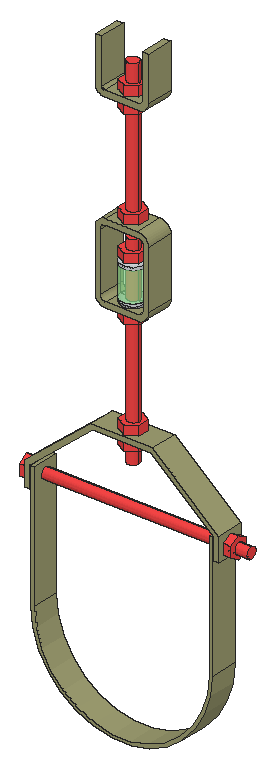
Revit family "Clevis Hanger Support with Spring", category Pipe Fittings, Revit 2014
Parameters (values of type "300")
  built-in parameter 1114242 [instance] = (empty or 0)
  Spring = Spring
  Pipe Support = Pipe Support
  Pipe Outside Radius [instance] = Pipe OD / 2  # 161.95 mm
  Pipe OD = 323.9 mm
  Insulation [instance] = 0 mm
  Nominal Radius [instance] = Nominal Diameter / 2  # 150 mm
  Nominal Diameter [instance] = 300 mm
  Neoprene Pad = Rubber
  Lookup Table Name [instance] = "Clevis Hanger Support"
  built-in parameter 1114238 [instance] = (empty or 0)
  Fasteners = Fasteners
  Dim_W1 = 50.8 mm
  Dim_T2 = 6.4 mm
  Dim_T1 = 9.5 mm
  Dim_G4 = Dim_G * 0.8  # 16 mm
  Dim_G3 = Dim_G * 2  # 40 mm
  Dim_G2 = Dim_G * 1  # 20 mm
  Dim_G = 20 mm
  Dim_C1 [instance] = Dim_C / 3  # 109.3 mm
  Dim_C [instance] = Pipe OD + (Insulation * 2) + 4 mm  # 327.9 mm
  Dim_A2 = Dim_A * 2  # 44 mm
  Dim_A = 22 mm
  Rod Length from Pipe to Ceiling [instance] = 1000 mm
  Bolt Size = Nut2 : M20
  Anchor Bolt = Nut : M22
Types (22, lengths in mm): name | Pipe Outside Radius | Pipe OD | Nominal Radius | Nominal Diameter | built-in parameter 1114238 | Dim_W1 | Dim_T2 | Dim_T1 | Dim_G4 | Dim_G3 | Dim_G2 | Dim_G | Dim_C1 | Dim_C | Dim_A2 | Dim_A | Rod Length from Pipe to Ceiling | Bolt Size | Anchor Bolt
  15 | 10.65 | 21.3 | 7.5 | 15 | 1 | 25.4 | 3.2 | 3.2 | 4.8 | 12 | 6 | 6 | 8.433 | 25.3 | 20 | 10 | 1000 | Nut2 : M6 | Nut : M10
  20 | 13.35 | 26.7 | 10 | 20 | 1 | 25.4 | 3.2 | 3.2 | 4.8 | 12 | 6 | 6 | 10.233 | 30.7 | 20 | 10 | 1000 | Nut2 : M6 | Nut : M10
  25 | 16.7 | 33.4 | 12.5 | 25 | (empty or 0) | 25.4 | 3.2 | 3.2 | 4.8 | 12 | 6 | 6 | 12.467 | 37.4 | 20 | 10 | 1000 | Nut2 : M6 | Nut : M10
  32 | 21.1 | 42.2 | 16 | 32 | (empty or 0) | 25.4 | 3.2 | 3.2 | 4.8 | 12 | 6 | 6 | 15.4 | 46.2 | 20 | 10 | 1000 | Nut2 : M6 | Nut : M10
  40 | 24.15 | 48.3 | 20 | 40 | (empty or 0) | 25.4 | 3.2 | 3.2 | 4.8 | 12 | 6 | 6 | 17.433 | 52.3 | 20 | 10 | 1000 | Nut2 : M6 | Nut : M10
  50 | 30.15 | 60.3 | 25 | 50 | (empty or 0) | 25.4 | 3.2 | 3.2 | 4.8 | 12 | 6 | 6 | 21.433 | 64.3 | 20 | 10 | 1000 | Nut2 : M6 | Nut : M10
  65 | 36.5 | 73 | 32.5 | 65 | (empty or 0) | 31.8 | 4.8 | 4.8 | 8 | 20 | 10 | 10 | 25.667 | 77 | 24 | 12 | 1000 | Nut2 : M10 | Nut : M12
  80 | 44.45 | 88.9 | 40 | 80 | (empty or 0) | 31.8 | 4.8 | 4.8 | 8 | 20 | 10 | 10 | 30.967 | 92.9 | 24 | 12 | 1000 | Nut2 : M10 | Nut : M12
  90 | 50.8 | 101.6 | 45 | 90 | (empty or 0) | 31.8 | 4.8 | 4.8 | 8 | 20 | 10 | 10 | 35.2 | 105.6 | 24 | 12 | 1000 | Nut2 : M10 | Nut : M12
  100 | 57.15 | 114.3 | 50 | 100 | (empty or 0) | 31.8 | 4.8 | 6.4 | 8 | 20 | 10 | 10 | 39.433 | 118.3 | 32 | 16 | 1000 | Nut2 : M10 | Nut : M16
  125 | 70.65 | 141.3 | 62.5 | 125 | (empty or 0) | 31.8 | 4.8 | 6.4 | 9.6 | 24 | 12 | 12 | 48.433 | 145.3 | 32 | 16 | 1000 | Nut2 : M12 | Nut : M12
  150 | 84.15 | 168.3 | 75 | 150 | (empty or 0) | 38.1 | 4.8 | 6.4 | 9.6 | 24 | 12 | 12 | 57.433 | 172.3 | 40 | 20 | 1000 | Nut2 : M12 | Nut : M20
  200 | 109.55 | 219.1 | 100 | 200 | (empty or 0) | 44.5 | 4.8 | 6.4 | 12.8 | 32 | 16 | 16 | 74.367 | 223.1 | 44 | 22 | 1000 | Nut2 : M16 | Nut : M22
  250 | 136.55 | 273.1 | 125 | 250 | (empty or 0) | 44.5 | 6.4 | 9.5 | 16 | 40 | 20 | 20 | 92.367 | 277.1 | 44 | 22 | 1000 | Nut2 : M20 | Nut : M22
  300 | 161.95 | 323.9 | 150 | 300 | (empty or 0) | 50.8 | 6.4 | 9.5 | 16 | 40 | 20 | 20 | 109.3 | 327.9 | 44 | 22 | 1000 | Nut2 : M20 | Nut : M22
  350 | 177.8 | 355.6 | 175 | 350 | (empty or 0) | 50.8 | 6.4 | 12.7 | 17.6 | 44 | 22 | 22 | 119.867 | 359.6 | 50 | 25 | 1000 | Nut2 : M22 | Nut : M25
  400 | 203.2 | 406.4 | 200 | 400 | (empty or 0) | 63.5 | 6.4 | 12.7 | 20 | 50 | 25 | 25 | 136.8 | 410.4 | 50 | 25 | 1000 | Nut2 : M25 | Nut : M25
  450 | 228.6 | 457.2 | 225 | 450 | (empty or 0) | 63.5 | 6.4 | 12.7 | 22.4 | 56 | 28 | 28 | 153.733 | 461.2 | 50 | 25 | 1000 | Nut2 : M28 | Nut : M25
  500 | 254 | 508 | 250 | 500 | (empty or 0) | 76.2 | 9.5 | 19.1 | 25.6 | 64 | 32 | 32 | 170.667 | 512 | 64 | 32 | 1500 | Nut2 : M32 | Nut : M32
  600 | 304.8 | 609.6 | 300 | 600 | (empty or 0) | 76.2 | 9.5 | 19.1 | 25.6 | 64 | 32 | 32 | 204.533 | 613.6 | 64 | 32 | 1000 | Nut2 : M32 | Nut : M32
  750 | 406.4 | 812.8 | 375 | 750 | (empty or 0) | 76.2 | 9.5 | 25.4 | 25.6 | 64 | 32 | 32 | 272.267 | 816.8 | 64 | 32 | 1000 | Nut2 : M32 | Nut : M32
  900 | 486.4 | 972.8 | 450 | 900 | (empty or 0) | 76.2 | 9.5 | 25.4 | 25.6 | 64 | 32 | 32 | 325.6 | 976.8 | 64 | 32 | 1500 | Nut2 : M32 | Nut : M32
Reference planes
  plane 1 "Center (Front/Back)": y = 0
  plane 2: z = 0
  plane 3 "Center (Left/Right)": x = 0
  plane 4: z = 0
  plane 5 "Clg": z = 1000
  plane 6 "W1": y = 25.4
  plane 7 "W2": y = -25.4
  plane 8 "G2": x = 163.95
  plane 9 "G1": x = -163.95
  plane 10: z = -163.95
  plane 11: z = 163.95
  plane 12 "BH": z = 213.95
  plane 13: z = 233.95
  plane 14: z = 193.95
  plane 15: z = 343.25
  plane 16: x = -170.35
  plane 17: x = 170.35
  plane 18: z = -170.35
  plane 19: x = 172.35
  plane 20: x = -172.35
  plane 21: x = 181.85
  plane 22: x = -181.85
  plane 23: x = -54.65
  plane 24: x = 54.65
  plane 25: z = 333.75
  plane 26 "Nut": x = 221.85
  plane 27: x = -197.85
  plane 28 "A2": z = 289.75
  plane 29: z = 900
  plane 30: z = 912
  plane 31: x = -50
  plane 32: x = 50
  plane 33: x = -38
  plane 34: x = 38
  plane 35: z = 962
  plane 36: z = 621.625
  plane 37 "Spring Top": z = 696.625
  plane 38: z = 546.625
  plane 39: z = 686.625
  plane 40: z = 556.625
  plane 41: z = 666.625
  plane 42: z = 656.625
  plane 43: z = 631.625
  plane 44: x = -22
  plane 45 "Spring Bot": z = 564.625
Forms (mm)
  Extrusion 1, solid, material "Pipe Support" <- "Pipe Support"
    sketch origin (0, -25.4, 0) x (-1, 0, 0) y (0, 0, 1)
      loop
        arc (163.95, 0) -> (0, -163.95) -> (-163.95, 0) r 163.95
        line (-163.95, 0) -> (-163.95, 233.95) -> (-170.35, 233.95) -> (-170.35, 0)
        arc (-170.35, 0) -> (0, -170.35) -> (170.35, 0) r 170.35
        line (170.35, 0) -> (170.35, 233.95) -> (163.95, 233.95) -> (163.95, 0)
    from 0 to 50.8
  Extrusion 2, solid, material "Pipe Support" <- "Pipe Support"
    sketch origin (0, -25.4, 0) x (-1, 0, 0) y (0, 0, 1)
      loop
        line (172.35, 193.95) -> (181.85, 193.95) -> (181.85, 239.379) -> (58.109, 343.25) -> (-58.135, 343.25) -> (-181.85, 238.35) -> (-181.85, 193.95) -> (-172.35, 193.95) -> (-172.35, 233.95) -> (-54.65, 333.75) -> (54.65, 333.75) -> (172.35, 234.95) -> (172.35, 193.95)
    from 0 to 50.8
  Extrusion 3, solid, material "Fasteners" <- "Fasteners"
    sketch origin (-163.95, 0, 0) x (0, 0, 1) y (0, -1, 0)
      loop
        circle (213.95, 0) r 10
    from -33.9 to 385.8
  Extrusion 4, solid, material "Fasteners" <- "Fasteners"
    sketch origin (0, 0, 289.75) x (-1, 0, 0) y (0, -1, 0)
      loop
        circle (0, 0) r 11
    from 0 to 376.875
  Extrusion 5, solid, material "Pipe Support" <- "Pipe Support"
    sketch origin (0, -25.4, 0) x (-1, 0, 0) y (0, 0, 1)
      loop
        line (38, 1000) -> (38, 917)
        arc (38, 917) -> (36.536, 913.464) -> (33, 912) r 5
        line (33, 912) -> (-33, 912)
        arc (-33, 912) -> (-36.536, 913.464) -> (-38, 917) r 5
        line (-38, 917) -> (-38, 1000) -> (-50, 1000) -> (-50, 917)
        arc (-50, 917) -> (-45.021, 904.979) -> (-33, 900) r 17
        line (-33, 900) -> (33, 900)
        arc (33, 900) -> (45.021, 904.979) -> (50, 917) r 17
        line (50, 917) -> (50, 1000) -> (38, 1000)
    from 0 to 50.8
  Extrusion 6, solid, material "Pipe Support" <- "Pipe Support"
    sketch origin (0, -25.4, 0) x (-1, 0, 0) y (0, 0, 1)
      loop
        arc (30, 546.625) -> (44.142, 552.483) -> (50, 566.625) r 20
        line (50, 566.625) -> (50, 676.625)
        arc (50, 676.625) -> (44.142, 690.767) -> (30, 696.625) r 20
        line (30, 696.625) -> (-30, 696.625)
        arc (-30, 696.625) -> (-44.142, 690.767) -> (-50, 676.625) r 20
        line (-50, 676.625) -> (-50, 566.625)
        arc (-50, 566.625) -> (-44.142, 552.483) -> (-30, 546.625) r 20
        line (-30, 546.625) -> (30, 546.625)
      loop
        arc (40, 676.625) -> (37.071, 683.696) -> (30, 686.625) r 10
        line (30, 686.625) -> (-30, 686.625)
        arc (-30, 686.625) -> (-37.071, 683.696) -> (-40, 676.625) r 10
        line (-40, 676.625) -> (-40, 566.625)
        arc (-40, 566.625) -> (-37.071, 559.554) -> (-30, 556.625) r 10
        line (-30, 556.625) -> (30, 556.625)
        arc (30, 556.625) -> (37.071, 559.554) -> (40, 566.625) r 10
        line (40, 566.625) -> (40, 676.625)
    from 0 to 50.8
  Extrusion 7, solid, material "Fasteners" <- "Fasteners"
    sketch origin (0, 0, 696.625) x (-1, 0, 0) y (0, -1, 0)
      loop
        circle (0, 0) r 11
    from 0 to 265.375
  Revolve 8, solid
    sketch origin (0, 0, 0) x (1, 0, 0) y (0, 0, 1)
      loop
        line (-22, 621.625) -> (0, 621.625) -> (0, 631.625) -> (-17, 631.625)
        arc (-17, 631.625) -> (-20.536, 630.161) -> (-22, 626.625) r 5
        line (-22, 626.625) -> (-22, 621.625)
      axis (0, 621.625) -> (0, 631.625)
    angle from 0 to 360
  Revolve 9, solid
    sketch origin (0, 0, 0) x (1, 0, 0) y (0, 0, 1)
      loop
        line (-22, 564.625) -> (-22, 560.625)
        arc (-22, 560.625) -> (-20.828, 557.797) -> (-18, 556.625) r 4
        line (-18, 556.625) -> (0, 556.625) -> (0, 564.625) -> (-22, 564.625)
      axis (0, 564.625) -> (0, 556.625)
    angle from 0 to 360
  Extrusion 10, solid, material "Spring" <- "Spring"
    sketch origin (0, 0, 564.625) x (-1, 0, 0) y (0, -1, 0)
      loop
        circle (0, 0) r 22
    from 0 to 57
Dimensions and locks
  "Rod Length from Pipe to Ceiling": plane 5 "Clg" to level
  equal spacing: plane 6 "W1", plane 1 "Center (Front/Back)", plane 7 "W2"
  "Dim_W1": plane 6 "W1" to plane 7 "W2"
  equal spacing: plane 8 "G2", plane 3 "Center (Left/Right)", plane 9 "G1"
  "Dim_C": plane 8 "G2" to plane 9 "G1"
  equal spacing: plane 11, plane 4, plane 10
  "Dim_C": plane 11 to plane 10
  locked: plane 12 "BH" to plane 11 at 50
  "Dim_G2": plane 12 "BH" to plane 14
  "Dim_G2": plane 13 to plane 12 "BH"
  "Dim_T2": plane 9 "G1" to plane 16
  "Dim_T2": plane 17 to plane 8 "G2"
  "Dim_T2": plane 10 to plane 18
  locked: plane 19 to plane 17 at 2
  "Dim_T1": plane 19 to plane 21
  locked: plane 20 to plane 16 at 2
  "Dim_T1": plane 22 to plane 20
  equal spacing: plane 24, plane 3 "Center (Left/Right)", plane 23
  "Dim_C1": plane 24 to plane 23
  "Dim_C1": plane 15 to plane 13
  "Dim_T1": plane 15 to plane 25
  "Dim_T1": Extrusion 2 sketch curve to Extrusion 2 sketch curve  (x2)
  "Dim_G3": plane 21 to plane 26 "Nut"
  "Dim_G4": plane 27 to plane 22
  "Dim_A2": plane 25 to plane 28 "A2"
  locked: plane 5 "Clg" to plane 29 at 100
  locked: plane 30 to plane 29 at 12
  plane 31 to plane 33 to plane 3 "Center (Left/Right)" to plane 34 to plane 32 = 12 mm locked, 38 mm locked, 38 mm locked, 12 mm locked
  plane 35 to plane 30 = 50 mm
  equal spacing: plane 29, plane 36, plane 15
  plane 37 "Spring Top" to plane 36 to plane 38 = 75 mm locked, 75 mm locked
  locked: plane 40 to plane 38 at 10
  locked: plane 37 "Spring Top" to plane 39 at 10
  locked: plane 39 to plane 41 at 20
  locked: plane 41 to plane 42 at 10
  locked: plane 43 to plane 36 at 10
  "Dim_A": plane 44 to plane 3 "Center (Left/Right)"
  plane 45 "Spring Bot" to plane 40 = 8 mm
  "Dim_G": diameter of Extrusion 3 sketch curve
  "Dim_A": diameter of Extrusion 4 sketch curve
  "Dim_A": diameter of Extrusion 7 sketch curve
  "Dim_A": radius of Extrusion 10 sketch curve
  aligned and locked: plane 6 "W1" to Extrusion 1
  aligned and locked: plane 6 "W1" to Extrusion 2
  aligned and locked: Extrusion 3 to plane 26 "Nut"
  aligned and locked: plane 27 to Extrusion 3
  aligned and locked: nested 1 to plane 21
  aligned and locked: nested 2 to plane 22
  aligned and locked: plane 3 "Center (Left/Right)" to nested 3
  aligned and locked: plane 1 "Center (Front/Back)" to nested 3
  aligned and locked: nested 4 to plane 15
  aligned and locked: plane 25 to nested 3
  aligned and locked: nested 6 to plane 30
  aligned and locked: plane 29 to nested 5
  aligned and locked: plane 6 "W1" to Extrusion 5
  aligned and locked: plane 6 "W1" to Extrusion 6
  aligned and locked: plane 41 to Extrusion 4
  aligned and locked: nested 7 to plane 37 "Spring Top"
  aligned and locked: plane 38 to nested 8
  aligned and locked: nested 9 to plane 43
  aligned and locked: plane 35 to Extrusion 7
  aligned and locked: plane 36 to Extrusion 10
Automatic sketch dimensions
  Extrusion 1 sketch curve to Extrusion 1 sketch curve = 0 mm  (x2)
  Extrusion 1 sketch curve to plane 4 = 0 mm
  Extrusion 1 sketch curve to plane 17 = 0 mm
  Extrusion 1 sketch curve to plane 8 "G2" = 0 mm
  Extrusion 1 sketch curve to plane 3 "Center (Left/Right)" = 0 mm
  Extrusion 1 sketch curve to plane 13 = 0 mm  (x2)
  Extrusion 2 sketch curve to plane 14 = 0 mm  (x2)
  plane 21 to Extrusion 2 sketch curve = 0 mm
  plane 19 to Extrusion 2 sketch curve = 0 mm
  Extrusion 2 sketch curve to plane 15 = 0 mm
  Extrusion 2 sketch curve to plane 24 = 0 mm
  Extrusion 2 sketch curve to plane 23 = 0 mm
  plane 20 to Extrusion 2 sketch curve = 0 mm
  plane 22 to Extrusion 2 sketch curve = 0 mm
  Extrusion 2 sketch curve to plane 13 = 0 mm
  Extrusion 2 sketch curve to plane 25 = 0 mm
  plane 13 to Extrusion 2 sketch curve = 1 mm
  Extrusion 3 sketch curve to plane 1 "Center (Front/Back)" = 0 mm
  Extrusion 3 sketch curve to plane 12 "BH" = 0 mm
  plane 1 "Center (Front/Back)" to Extrusion 4 sketch curve = 0 mm
  Extrusion 4 sketch curve to plane 3 "Center (Left/Right)" = 0 mm
  plane 32 to Extrusion 5 sketch curve = 0 mm
  Extrusion 5 sketch curve to plane 5 "Clg" = 0 mm  (x2)
  plane 34 to Extrusion 5 sketch curve = 0 mm
  Extrusion 5 sketch curve to plane 30 = 0 mm
  Extrusion 5 sketch curve to plane 29 = 0 mm
  plane 33 to Extrusion 5 sketch curve = 0 mm
  plane 31 to Extrusion 5 sketch curve = 0 mm
  Extrusion 5 sketch curve to Extrusion 5 sketch curve = 5 mm
  Extrusion 5 sketch curve to Extrusion 5 sketch curve = 0 mm
  Extrusion 5 sketch curve to plane 33 = 5 mm
  plane 30 to Extrusion 5 sketch curve = 5 mm
  Extrusion 6 sketch curve to Extrusion 6 sketch curve = 0 mm  (x7)
  plane 32 to Extrusion 6 sketch curve = 0 mm
  Extrusion 6 sketch curve to plane 37 "Spring Top" = 0 mm
  Extrusion 6 sketch curve to plane 38 = 0 mm
  Extrusion 6 sketch curve to plane 39 = 0 mm
  plane 31 to Extrusion 6 sketch curve = 0 mm
  plane 34 to Extrusion 6 sketch curve = 8 mm  (x2)
  Extrusion 6 sketch curve to plane 33 = 8 mm  (x2)
  plane 1 "Center (Front/Back)" to Extrusion 7 sketch curve = 0 mm
  Extrusion 7 sketch curve to plane 3 "Center (Left/Right)" = 0 mm
  Revolve 8 sketch curve to plane 36 = 0 mm
  plane 44 to Revolve 8 sketch curve = 0 mm
  Revolve 8 sketch curve to plane 43 = 0 mm
  Revolve 8 sketch curve to plane 3 "Center (Left/Right)" = 0 mm  (x2)
  Revolve 8 sketch curve to Revolve 8 sketch curve = 5 mm
  plane 40 to Revolve 8 sketch curve = 10 mm
  plane 41 to Revolve 8 sketch curve = 6.937 mm
  plane 44 to Revolve 9 sketch curve = 0 mm
  Revolve 9 sketch curve to plane 40 = 0 mm
  Revolve 9 sketch curve to plane 3 "Center (Left/Right)" = 0 mm  (x2)
  Revolve 9 sketch curve to plane 38 = 0 mm
  Revolve 9 sketch curve to plane 45 "Spring Bot" = 0 mm
  Revolve 9 sketch curve to plane 44 = 4 mm
  Revolve 9 sketch curve to plane 36 = 8 mm
  plane 1 "Center (Front/Back)" to Extrusion 10 sketch curve = 0 mm
  Extrusion 10 sketch curve to plane 3 "Center (Left/Right)" = 0 mm
Nested families
  nested 1: "Nut2" at (181.85, 0, 213.95), type <- "Bolt Size", type "M20"
  nested 2: "Nut2" at (-181.85, 0, 213.95) x (-1, 0, 0) z (0, 0, 1), type <- "Bolt Size", type "M20"
  nested 3: "Nut" at (0, 0, 316.15), type <- "Anchor Bolt", type "M22"
  nested 4: "Nut" at (0, 0, 343.25), type <- "Anchor Bolt", type "M22"
  nested 5: "Nut" at (0, 0, 882.4), type <- "Anchor Bolt", type "M22"
  nested 6: "Nut" at (0, 0, 912), type <- "Anchor Bolt", type "M22"
  nested 7: "Nut" at (0, 0, 696.625), type <- "Anchor Bolt", type "M22"
  nested 8: "Nut" at (0, 0, 529.025), type <- "Anchor Bolt", type "M22"
  nested 9: "Nut" at (0, 0, 631.625), type <- "Anchor Bolt", type "M22"
Connectors
  piping at (0, 0, 0.022), diameter 300, driven by "Nominal Diameter"
    settings: index 1, connector inside diameter 609.6 mm, connector length 0 mm, flow factor 0, pipe flow 0.0 L/s, pressure drop 0.0 Pa, fitting loss kfactor 0, connector angle 0.00°, fixture units 0, engagement length 0 mm, angle of deflection 0.00°, flow configuration 0, flow direction 0, fitting loss method 0, system type 7, joint type 0, gender type 0, connector reference index -1, connector utility 0, adjustable connector no, is connector primary yes, connector description ""
Definition of nested family "Nut2"
  Parameters (values of type "M32")
    Dim_1 = Nut Dia * 1.7321 / 2  # 27.714 mm
    Nut Height = Nut Dia * 0.8  # 25.6 mm
    Nut Dia = 32 mm
  Types (10, lengths in mm): name | Dim_1 | Nut Height | Nut Dia
    M6 | 5.196 | 4.8 | 6
    M8 | 6.928 | 6.4 | 8
    M10 | 8.661 | 8 | 10
    M12 | 10.393 | 9.6 | 12
    M16 | 13.857 | 12.8 | 16
    M20 | 17.321 | 16 | 20
    M25 | 21.651 | 20 | 25
    M32 | 27.714 | 25.6 | 32
    M28 | 24.249 | 22.4 | 28
    M22 | 19.053 | 17.6 | 22
  Reference planes
    plane 1 "Center (Front/Back)": y = 0
    plane 2: z = 0
    plane 3 "Center (Left/Right)": x = 0
    plane 4: y = 16
    plane 5: y = -16
    plane 6: y = 27.714
    plane 7: y = -27.714
    plane 8: z = 16
    plane 9: z = -16
    plane 10: z = 32
    plane 11: z = -32
    plane 12: x = 25.6
  Forms (mm)
    Extrusion 1, solid, material "Fasteners"
      sketch origin (0, 0, 0) x (0, 1, 0) y (0, 0, 1)
        loop
          line (27.714, -16) -> (27.714, 16) -> (0, 32) -> (-27.714, 16) -> (-27.714, -16) -> (0, -32) -> (27.714, -16)
        loop
          circle (0, 0) r 16
      from 0 to 25.6
  Dimensions and locks
    equal spacing: plane 4, plane 1 "Center (Front/Back)", plane 5
    "Nut Dia": plane 4 to plane 5
    "Dim_1": plane 1 "Center (Front/Back)" to plane 7
    "Dim_1": plane 6 to plane 1 "Center (Front/Back)"
    equal spacing: plane 8, level, plane 9
    "Nut Dia": plane 8 to plane 9
    "Nut Dia": level to plane 11
    "Nut Dia": plane 10 to level
    "Nut Height": plane 3 "Center (Left/Right)" to plane 12
    "Nut Dia": diameter of Extrusion 1 sketch curve
    aligned and locked: level to plane 2
    aligned and locked: plane 12 to Extrusion 1
  Automatic sketch dimensions
    Extrusion 1 sketch curve to plane 7 = 0 mm
    Extrusion 1 sketch curve to plane 1 "Center (Front/Back)" = 0 mm  (x3)
    Extrusion 1 sketch curve to level = 0 mm
    Extrusion 1 sketch curve to plane 6 = 0 mm
    Extrusion 1 sketch curve to plane 11 = 0 mm
    Extrusion 1 sketch curve to plane 9 = 0 mm
    plane 9 to Extrusion 1 sketch curve = 0 mm
    plane 8 to Extrusion 1 sketch curve = 0 mm
    Extrusion 1 sketch curve to plane 8 = 0 mm
    Extrusion 1 sketch curve to plane 10 = 0 mm
Definition of nested family "Nut"
  Parameters (values of type "M8")
    Fasteners = Fasteners
    Dim_3 = Nut Dia * 1.7321 / 2  # 6.928 mm
    Nut Height = Nut Dia * 0.8  # 6.4 mm
    Nut Dia = 8 mm
  Types (10, lengths in mm): name | Dim_3 | Nut Height | Nut Dia
    M6 | 5.196 | 4.8 | 6
    M8 | 6.928 | 6.4 | 8
    M10 | 8.661 | 8 | 10
    M12 | 10.393 | 9.6 | 12
    M16 | 13.857 | 12.8 | 16
    M20 | 17.321 | 16 | 20
    M32 | 25.982 | 24 | 30
    M22 | 19.053 | 17.6 | 22
    M25 | 21.651 | 20 | 25
    M28 | 24.249 | 22.4 | 28
  Reference planes
    plane 1 "Center (Front/Back)": y = 0
    plane 2: z = 0
    plane 3 "Center (Left/Right)": x = 0
    plane 4: z = 6.4
    plane 5: z = -60
    plane 6: x = -4
    plane 7: x = 4
    plane 8: z = -58
    plane 9: through (0, 0, 1200) normal (-0.5, 0.866, 0)
    plane 10: through (0, 0, 1200) normal (0.5, 0.866, 0)
    plane 11: y = 8
    plane 12: y = -8
    plane 13: x = -6.928
    plane 14: x = 6.928
  Forms (mm)
    Extrusion 1, solid, material "Fasteners" <- "Fasteners"
      sketch origin (0, 0, 0) x (1, 0, 0) y (0, 1, 0)
        loop
          line (-6.928, -4) -> (0, -8.001) -> (6.928, -4) -> (6.928, 4) -> (0, 8.001) -> (-6.928, 4) -> (-6.928, -4)
        loop
          circle (0, 0) r 4
      from 0 to 6.4
  Dimensions and locks
    "Nut Height": plane 4 to level
    level to plane 5 = 60 mm
    equal spacing: plane 7, plane 3 "Center (Left/Right)", plane 6
    "Nut Dia": plane 7 to plane 6
    plane 8 to plane 5 = 2 mm
    "Nut Dia": plane 1 "Center (Front/Back)" to plane 12
    "Nut Dia": plane 1 "Center (Front/Back)" to plane 11
    "Dim_3": plane 13 to plane 3 "Center (Left/Right)"
    "Dim_3": plane 3 "Center (Left/Right)" to plane 14
    "Nut Dia": diameter of Extrusion 1 sketch curve
    aligned and locked: level to plane 2
    aligned and locked: plane 4 to Extrusion 1
  Automatic sketch dimensions
    Extrusion 1 sketch curve to plane 10 = 0 mm  (x2)
    Extrusion 1 sketch curve to plane 13 = 0 mm
    Extrusion 1 sketch curve to plane 3 "Center (Left/Right)" = 0 mm  (x3)
    plane 1 "Center (Front/Back)" to Extrusion 1 sketch curve = 0 mm
    Extrusion 1 sketch curve to plane 14 = 0 mm
    Extrusion 1 sketch curve to plane 9 = 0 mm  (x2)
    Extrusion 1 sketch curve to plane 12 = 0.001 mm
    plane 11 to Extrusion 1 sketch curve = 0.001 mm
